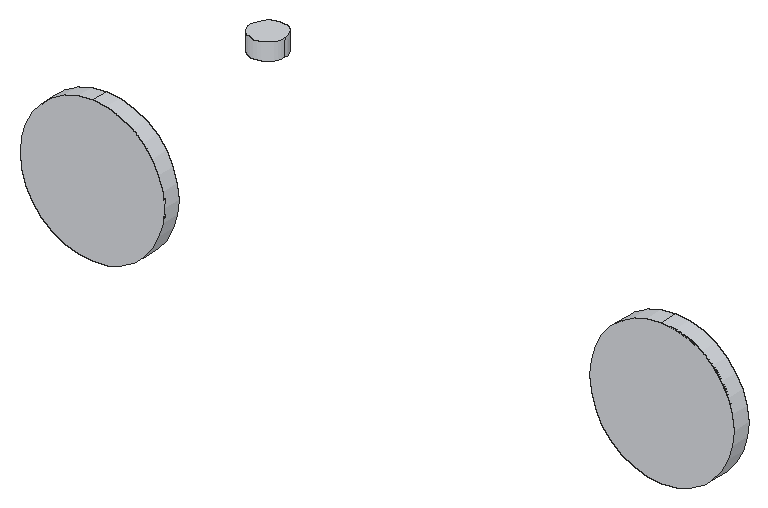
Revit family "DCX13_001_BIM", category HLS-Bauteile, Revit 2018
Family settings
  Bemaßung runder Anschluss = Durchmesser verwenden
  Klassifizierung = Keine
  Teiletyp = Normal
  OmniClass-Nummer = 23.65.35.11.14
  OmniClass-Titel = Instantaneous Water Heaters
  Arbeitsebenenbasiert = Nein
  Immer vertikal = Ja
  Beim Laden mit Abzugskörper schneiden = Nein
  Gemeinsam genutzt = Nein
  Raumberechnungspunkt = Nein
Parameters (values of type "Norm")
  Verbindung_2_Durchmesser = 0 mm
  Verbindung_1_Durchmesser = 0 mm
  URL = "https://www.clage.de/de/Produkte/E-Komfortdurchlauferhitzer/DCX"
  Modell = "DCX"
  Hersteller = "Clage GmbH"
  Beschreibung = "E-Komfortdurchlauferhitzer"
Reference planes
  plane 1 "Mitte (Vorne/Hinten)": y = 0
  plane 2: z = 0
  plane 3 "Mitte (Links/Rechts)": x = 0
Forms (mm)
  Extrusion 1, solid
    sketch origin (41.101, 38.319, -176.104) x (0, 0, 1) y (1, 0, 0)
      loop
        circle (0, 0) r 12.7
    from 0 to -3.048
  Extrusion 2, solid
    sketch origin (-58.899, 38.119, -176.095) x (0, 0, 1) y (1, 0, 0)
      loop
        circle (0, 0) r 12.7
    from 0 to -3.048
  Extrusion 3, solid
    sketch origin (0, 0, -119.504) x (0, 1, 0) y (1, 0, 0)
      loop
        circle (0, 0) r 3.048
    from 0 to -3.048
Dimensions and locks
  aligned and locked: level to plane 2
Connectors
  piping at (41.101, 38.319, -176.104), diameter 12.7
    settings: on Extrusion 1, index 1, connector inside diameter 609.6 mm, connector length 0 mm, flow factor 0, pipe flow 6.9 L/s, pressure drop 104500.0 Pa, fitting loss kfactor 0, connector angle 0.00°, fixture units 0, engagement length 0 mm, angle of deflection 0.00°, flow configuration 1, flow direction 1, fitting loss method 4, system type 20, joint type 0, gender type 0, connector reference index -1, connector utility 0, adjustable connector no, is connector primary yes, connector description ""
  piping at (-58.899, 38.119, -176.095), diameter 12.7
    settings: on Extrusion 2, index 2, connector inside diameter 609.6 mm, connector length 0 mm, flow factor 0, pipe flow 6.9 L/s, pressure drop 104500.0 Pa, fitting loss kfactor 0, connector angle 0.00°, fixture units 0, engagement length 0 mm, angle of deflection 0.00°, flow configuration 1, flow direction 2, fitting loss method 4, system type 19, joint type 0, gender type 0, connector reference index -1, connector utility 0, adjustable connector no, is connector primary no, connector description ""
  electrical at (0, 0, -119.504)
    settings: on Extrusion 3, index 3, voltage 400 V, apparent load 0 VA, apparent load phase1 0 VA, apparent load phase2 0 VA, apparent load phase3 0 VA, power factor 0, load classification "Sonstige", number of poles 3, system type 30, power factor state 1, is connector primary yes, connector utility no, sub classification motor no, connector description ""
